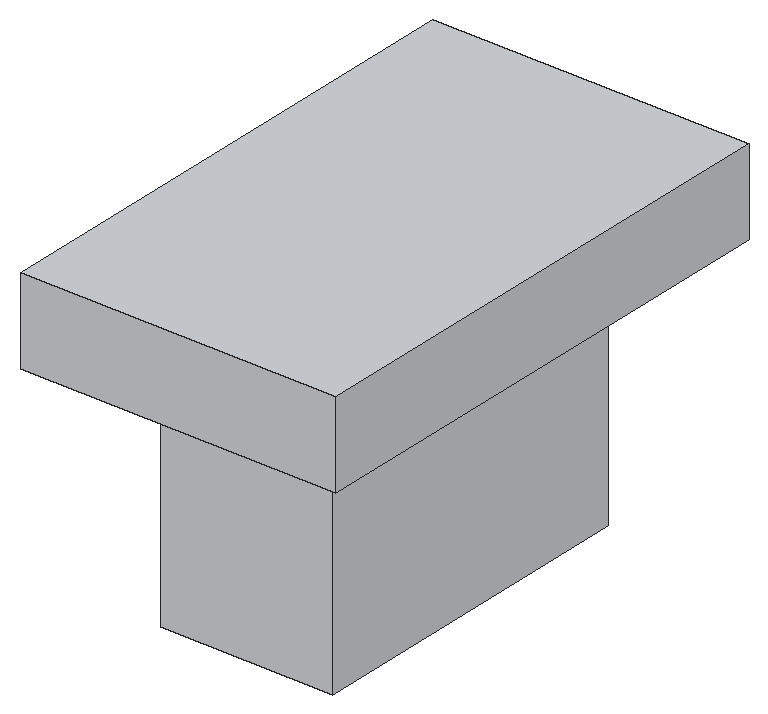
Revit family "1c6629e65ae64f17bb10d1757510cffa", category Fire Alarm Devices, host Face, Revit 2021
Family settings
  Host = Face
  Maintain Annotation Orientation = Yes
  Round Connector Dimension = Use Diameter
  Part Type = Normal
  OmniClass Number = 23.85.30.14.24
  OmniClass Title = Manual Alert Control
  Seek Item ID = Manual Pull Station-0000-USA-ENU
  Cut with Voids When Loaded = No
  Shared = No
  Room Calculation Point = No
Parameters (values of type "Standard")
  Label = "M"
  Default Elevation = 4' - 0"
Reference planes (in)
  plane 1 "Center (Front/Back)": y = 0
  plane 2: z = 0
  plane 3 "Center (Left/Right)": x = 0
  plane 4: x = -1.375
  plane 5: x = 1.375
  plane 6: x = -0.75
  plane 7: x = 0.75
  plane 8: y = 2.25
  plane 9: y = -2.25
  plane 10: y = 1.5
  plane 11: y = -1.5
  plane 12 "level above": z = 0.75
  plane 13 "level below": z = -2.125
Forms (in)
  Extrusion 1, solid
    sketch origin (0, 0, 0) x (1, 0, 0) y (0, 1, 0)
      loop
        line (-1.375, 2.25) -> (-1.375, -2.25) -> (1.375, -2.25) -> (1.375, 2.25) -> (-1.375, 2.25)
    from 0 to 0.75
  Extrusion 2, solid
    sketch origin (0, 0, 0) x (1, 0, 0) y (0, 1, 0)
      loop
        line (-0.75, 1.5) -> (-0.75, -1.5) -> (0.75, -1.5) -> (0.75, 1.5) -> (-0.75, 1.5)
    from 0 to -2.125
Lines and regions (in)
  symbolic lines, detail levels fine
    curve 1: line (1.375, 0, 0) -> (-1.375, 0, 0)
    curve 2: line (1.375, 0, 0.75) -> (1.375, 0, 0)
    curve 3: line (-1.375, 0, 0.75) -> (1.375, 0, 0.75)
    curve 4: line (-1.375, 0, 0) -> (-1.375, 0, 0.75)
    curve 5: line (0.75, 0, -2.125) -> (0.75, 0, 0)
    curve 6: line (-0.75, 0, -2.125) -> (0.75, 0, -2.125)
    curve 7: line (-0.75, 0, 0) -> (-0.75, 0, -2.125)
Dimensions and locks (in)
  equal spacing: plane 6, plane 3 "Center (Left/Right)", plane 7, locked at 0.75 each
  locked: plane 6 to plane 7 at 1.5
  equal spacing: plane 4, plane 3 "Center (Left/Right)", plane 5, locked at 1.375 each
  locked: plane 4 to plane 5 at 2.75
  locked: plane 8 to plane 9 at 4.5
  locked: plane 12 "level above" to level at 0.75
  locked: level to plane 13 "level below" at 2.125
  locked: plane 10 to plane 11 at 3
  equal spacing: plane 10, plane 1 "Center (Front/Back)", plane 11, locked at 1.5 each
  equal spacing: plane 8, plane 1 "Center (Front/Back)", plane 9, locked at 2.25 each
  aligned and locked: plane 2 to host face
  aligned and locked: level to host face
  aligned and locked: plane 8 to Extrusion 1
  aligned and locked: Extrusion 1 to plane 9
  aligned and locked: plane 5 to Extrusion 1
  aligned and locked: Extrusion 1 to plane 4
  aligned and locked: Extrusion 1 to level
  aligned and locked: plane 12 "level above" to Extrusion 1
  aligned and locked: plane 10 to Extrusion 2
  aligned and locked: Extrusion 2 to plane 6
  aligned and locked: plane 7 to Extrusion 2
  aligned and locked: Extrusion 2 to plane 11
  aligned and locked: Extrusion 2 to level
  aligned and locked: Extrusion 2 to plane 13 "level below"
  aligned and locked: curve 4 to plane 4
  aligned and locked: plane 5 to curve 2
  aligned and locked: curve 3 to plane 12 "level above"
  aligned and locked: plane 2 to curve 1
  aligned and locked: curve 7 to plane 6
  aligned and locked: plane 7 to curve 5
  aligned and locked: curve 6 to plane 13 "level below"
Automatic sketch dimensions
  Extrusion 1 sketch curve to plane 4 = 0' - 0"
  Extrusion 1 sketch curve to plane 5 = 0' - 0"
  Extrusion 1 sketch curve to plane 9 = 0' - 0"
  Extrusion 1 sketch curve to plane 8 = 0' - 0"
  Extrusion 2 sketch curve to plane 6 = 0' - 0"
  Extrusion 2 sketch curve to plane 7 = 0' - 0"
  Extrusion 2 sketch curve to plane 11 = 0' - 0"
  Extrusion 2 sketch curve to plane 10 = 0' - 0"
  host sketch curve to host sketch curve = 4' - 2 3/4"
  host sketch curve to host sketch curve = 4' - 0 3/4"
Nested families (in)
  nested 1: "Manual Pull Annotation" at (0.02327, 0.09759, 0), type "Manual Pull Annotation", detail levels coarse+medium
Connectors (in)
  electrical at (0, 1.5, -1.0625)
    settings: on Extrusion 2, index 1, voltage 120 V, apparent load 0 VA, apparent load phase1 0 VA, apparent load phase2 0 VA, apparent load phase3 0 VA, power factor 1, load classification "Lighting", number of poles 1, system type 11, power factor state 1, is connector primary yes, connector utility no, sub classification motor no, connector description ""
Definition of nested family "Manual Pull Annotation"
  Parameters
    Label = "M"
  Reference planes (in)
    plane 1: y = 0
    plane 2: x = 0
  Lines and regions (in)
    detail lines
      curve 1: line (-0.0625, 0.125, 0) -> (0.0625, 0.125, 0)
      curve 2: line (-0.0625, 0, 0) -> (-0.0625, 0.125, 0)
      curve 3: line (0.0625, 0, 0) -> (-0.0625, 0, 0)
      curve 4: line (0.0625, 0.125, 0) -> (0.0625, 0, 0)
  Text (in)
    label "M" at (-0.00112, 0.06247, 0), shows "Label"
